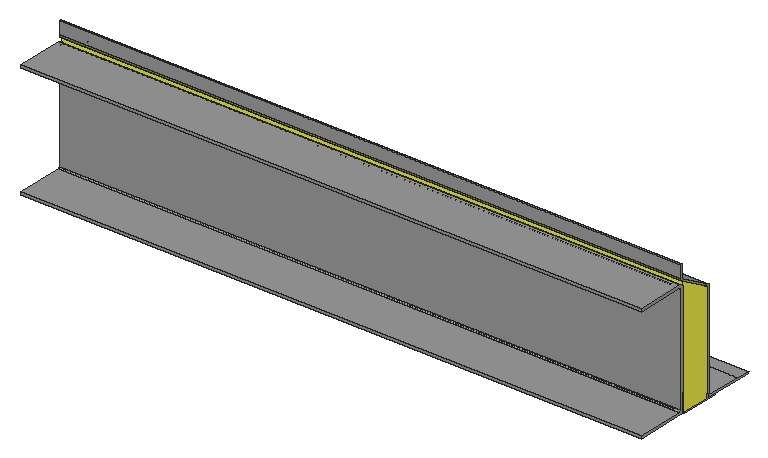
Revit family "TJ K 70", category Generic Models, Revit 2014
Parameters (values of type "Max lintel length 3000mm")
  URL = "http://www.keystonelintels.co.uk"
  Structural Opening [instance] = 900 mm
  Structural Performance = "The Keystone lintel range has safe working loads as detailed in each applicable loading table in the Keystone Lintel Guide brochure. The structural performance figures within each table have been ascertained by testing in accordance with the requirements of standards BS EN 5977-2: 1983 and BS EN 845-2: 2003."
  RIBA Productor Selector = "available for Keystone Lintels Ltd from Keystone Lintels Ltd from ribaproductselector.com"
  Model = "TJ/K 70"
  Min Length = 600 mm
  Min Clear Span = 300 mm
  Max Length = 3000 mm
  Max Clear Span = 3000 mm
  Material - Stainless Steel = "Grade 304 2b 1.4307 to BS EN 10088-2. Other grades available on request: contact manufacturer."
  Material - Galvanised Steel = "To BS EN 10346: 2009. DX51D plus Z600 or grade Z275 to BS 5977-2: 1983 (BS EN 845-2: 2003)."
  Manufacturer = "Keystone"
  Manufactured Length [instance] = (roundup(Effective Length / 150 mm) * 150 mm)  # 1200 mm
  Lintel height [instance] = 2100 mm
  Keynote = "F30/755"
  Fire Performance = "Keystone lintels have been subjected to a fire test (WARRES No. 101263) in accordance with BS 476-20: 1987, at Exova Warrington Fire and achieved a one hour fire performance."
  End Bearing = 150 mm
  Effective Length [instance] = Clear Opening with MIN MAX set + End Bearing * 2  # 1200 mm
  Corrosion = "Keystone’s standard range of lintels are manufactured from high quality grade pre-galvanized carbon steel with a zinc coating of 600"
  Contact Tel = "+44 (0)28 8676 2184"
  Contact Email = "info@keystonelintels.co.uk"
  Clear Opening with MIN MAX set [instance] = if(Structural Opening < Min Clear Span, Min Clear Span, (if(Structural Opening > Max Clear Span, Max Clear Span, Structural Opening)))  # 900 mm
  CPD Information = "Available for Keystone Lintels Ltd from ribacpd.com"
Reference planes
  plane 1 "Center (Front/Back)": y = 0
  plane 2: z = 0
  plane 3 "Center (Left/Right)": x = 0
  plane 4: x = -600
  plane 5: x = 600
  plane 6: z = 2100
  plane 7: x = -450
  plane 8: x = 450
Forms (mm)
  Extrusion 1, solid, material "Steel"
    sketch origin (0, 686.178, -480.741) x (0, 1, 0) y (0, 0, 1)
      loop
        line (-588.087, 2579.889) -> (-587.978, 2583.087) -> (-612.978, 2583.941) -> (-677.978, 2583.941)
        arc (-677.978, 2583.941) -> (-681.513, 2585.406) -> (-682.978, 2588.941) r 5
        line (-682.978, 2588.941) -> (-682.978, 2774.148)
        arc (-682.978, 2774.148) -> (-683.674, 2776.747) -> (-685.575, 2778.65) r 5.2
        line (-685.575, 2778.65) -> (-746.779, 2814.034)
        arc (-746.779, 2814.034) -> (-747.51, 2814.766) -> (-747.778, 2815.765) r 2
        line (-747.778, 2815.765) -> (-747.778, 2840.741) -> (-750.978, 2840.741) -> (-750.978, 2815.765)
        arc (-750.978, 2815.765) -> (-750.282, 2813.166) -> (-748.381, 2811.263) r 5.2
        line (-748.381, 2811.263) -> (-687.148, 2775.863)
        arc (-687.148, 2775.863) -> (-686.437, 2775.133) -> (-686.178, 2774.148) r 2
        line (-686.178, 2774.148) -> (-686.178, 2588.941)
        arc (-686.178, 2588.941) -> (-683.776, 2583.143) -> (-677.978, 2580.741) r 8.2
        line (-677.978, 2580.741) -> (-613.033, 2580.741) -> (-588.087, 2579.889)
    from -600 to 600
  Extrusion 2, solid, material "Steel"
    sketch origin (0, 686.178, -480.773) x (0, 1, 0) y (0, 0, 1)
      loop
        arc (-753.894, 2580.773) -> (-748.308, 2583.087) -> (-745.994, 2588.673) r 7.9
        line (-745.994, 2588.673) -> (-745.994, 2797.873)
        arc (-745.994, 2797.873) -> (-748.308, 2803.459) -> (-753.894, 2805.773) r 7.9
        line (-753.894, 2805.773) -> (-845.994, 2805.773) -> (-845.994, 2800.773) -> (-753.894, 2800.773)
        arc (-753.894, 2800.773) -> (-751.844, 2799.924) -> (-750.994, 2797.873) r 2.9
        line (-750.994, 2797.873) -> (-750.994, 2588.673)
        arc (-750.994, 2588.673) -> (-751.844, 2586.623) -> (-753.894, 2585.773) r 2.9
        line (-753.894, 2585.773) -> (-845.994, 2585.773) -> (-845.994, 2580.773) -> (-753.894, 2580.773)
    from -600 to 600
  Extrusion 3, solid, material "Steel"
    sketch origin (0, 686.178, -480.741) x (0, 1, 0) y (0, 0, 1)
      loop
        line (-669.204, 2579.741) -> (-669.204, 2580.741) -> (-686.204, 2580.741) -> (-686.204, 2588.741) -> (-687.204, 2588.741) -> (-687.204, 2580.741) -> (-741.994, 2580.741)
        arc (-741.994, 2580.741) -> (-744.116, 2581.62) -> (-744.994, 2583.741) r 3
        line (-744.994, 2583.741) -> (-744.994, 2619.661) -> (-745.994, 2619.661) -> (-745.994, 2583.741)
        arc (-745.994, 2583.741) -> (-744.823, 2580.913) -> (-741.994, 2579.741) r 4
        line (-741.994, 2579.741) -> (-669.204, 2579.741)
    from -600 to 600
  Extrusion 4, solid, material "Insulation"
    sketch origin (0, 686.178, -480.741) x (0, 1, 0) y (0, 0, 1)
      loop
        line (-686.204, 2580.741) -> (-677.978, 2580.741)
        arc (-677.978, 2580.741) -> (-683.776, 2583.143) -> (-686.178, 2588.941) r 8.2
        line (-686.178, 2588.941) -> (-686.178, 2774.148)
        arc (-686.178, 2774.148) -> (-686.437, 2775.133) -> (-687.148, 2775.863) r 2
        line (-687.148, 2775.863) -> (-745.994, 2809.884) -> (-745.994, 2619.661) -> (-744.994, 2619.661) -> (-744.994, 2583.741)
        arc (-744.994, 2583.741) -> (-744.116, 2581.62) -> (-741.994, 2580.741) r 3
        line (-741.994, 2580.741) -> (-687.204, 2580.741) -> (-687.204, 2588.741) -> (-686.204, 2588.741) -> (-686.204, 2580.741)
    from -600 to 600
  Extrusion 5, solid, not visible
    sketch origin (0, 920.434, 1241.367) x (0, 1, 0) y (0, 0, 1)
      loop
        line (-588.087, 979.889) -> (-587.978, 983.087) -> (-612.978, 983.941) -> (-677.978, 983.941)
        arc (-677.978, 983.941) -> (-681.513, 985.406) -> (-682.978, 988.941) r 5
        line (-682.978, 988.941) -> (-682.978, 1174.148)
        arc (-682.978, 1174.148) -> (-683.674, 1176.747) -> (-685.575, 1178.65) r 5.2
        line (-685.575, 1178.65) -> (-746.779, 1214.034)
        arc (-746.779, 1214.034) -> (-747.51, 1214.766) -> (-747.778, 1215.765) r 2
        line (-747.778, 1215.765) -> (-747.778, 1240.741) -> (-750.978, 1240.741) -> (-750.978, 1215.765)
        arc (-750.978, 1215.765) -> (-750.282, 1213.166) -> (-748.381, 1211.263) r 5.2
        line (-748.381, 1211.263) -> (-687.148, 1175.863)
        arc (-687.148, 1175.863) -> (-686.437, 1175.133) -> (-686.178, 1174.148) r 2
        line (-686.178, 1174.148) -> (-686.178, 988.941)
        arc (-686.178, 988.941) -> (-683.776, 983.143) -> (-677.978, 980.741) r 8.2
        line (-677.978, 980.741) -> (-613.033, 980.741) -> (-588.087, 979.889)
    from 0 to 250
  Extrusion 6, solid, not visible
    sketch origin (0, 659.54, 1313.338) x (0, 1, 0) y (0, 0, 1)
      loop
        arc (-753.894, 980.773) -> (-748.308, 983.087) -> (-745.994, 988.673) r 7.9
        line (-745.994, 988.673) -> (-745.994, 1197.873)
        arc (-745.994, 1197.873) -> (-748.308, 1203.459) -> (-753.894, 1205.773) r 7.9
        line (-753.894, 1205.773) -> (-845.994, 1205.773) -> (-845.994, 1200.773) -> (-753.894, 1200.773)
        arc (-753.894, 1200.773) -> (-751.844, 1199.924) -> (-750.994, 1197.873) r 2.9
        line (-750.994, 1197.873) -> (-750.994, 988.673)
        arc (-750.994, 988.673) -> (-751.844, 986.623) -> (-753.894, 985.773) r 2.9
        line (-753.894, 985.773) -> (-845.994, 985.773) -> (-845.994, 980.773) -> (-753.894, 980.773)
    from 0 to 250
  Extrusion 7, solid, not visible
    sketch origin (0, 894.802, 982.977) x (0, 1, 0) y (0, 0, 1)
      loop
        line (-669.204, 979.741) -> (-669.204, 980.741) -> (-686.204, 980.741) -> (-686.204, 988.741) -> (-687.204, 988.741) -> (-687.204, 980.741) -> (-741.994, 980.741)
        arc (-741.994, 980.741) -> (-744.116, 981.62) -> (-744.994, 983.741) r 3
        line (-744.994, 983.741) -> (-744.994, 1019.661) -> (-745.994, 1019.661) -> (-745.994, 983.741)
        arc (-745.994, 983.741) -> (-744.823, 980.913) -> (-741.994, 979.741) r 4
        line (-741.994, 979.741) -> (-669.204, 979.741)
    from 0 to 250
  Extrusion 8, solid, not visible
    sketch origin (0, 499.891, 838.196) x (0, 1, 0) y (0, 0, 1)
      loop
        line (-686.204, 980.741) -> (-677.978, 980.741)
        arc (-677.978, 980.741) -> (-683.776, 983.143) -> (-686.178, 988.941) r 8.2
        line (-686.178, 988.941) -> (-686.178, 1174.148)
        arc (-686.178, 1174.148) -> (-686.437, 1175.133) -> (-687.148, 1175.863) r 2
        line (-687.148, 1175.863) -> (-745.994, 1209.884) -> (-745.994, 1019.661) -> (-744.994, 1019.661) -> (-744.994, 983.741)
        arc (-744.994, 983.741) -> (-744.116, 981.62) -> (-741.994, 980.741) r 3
        line (-741.994, 980.741) -> (-687.204, 980.741) -> (-687.204, 988.741) -> (-686.204, 988.741) -> (-686.204, 980.741)
    from 0 to 250
Dimensions and locks
  equal spacing: plane 4, plane 3 "Center (Left/Right)", plane 5
  "Manufactured Length": plane 4 to plane 5
  "Lintel height": plane 6 to level
  "Structural Opening": plane 7 to plane 8
  equal spacing: plane 7, plane 3 "Center (Left/Right)", plane 8
  aligned and locked: level to plane 2
  aligned and locked: Extrusion 1 to plane 6
  aligned and locked: Extrusion 4 to plane 6
  aligned and locked: plane 6 to Extrusion 3
  aligned and locked: Extrusion 2 to plane 6
  aligned and locked: plane 5 to Extrusion 2
  aligned and locked: Extrusion 2 to plane 4
  aligned and locked: plane 5 to Extrusion 1
  aligned and locked: Extrusion 1 to plane 4
  aligned and locked: plane 5 to Extrusion 4
  aligned and locked: Extrusion 4 to plane 4
  aligned and locked: plane 5 to Extrusion 3
  aligned and locked: Extrusion 3 to plane 4
Automatic sketch dimensions
  Extrusion 1 sketch curve to Extrusion 1 sketch curve = 64.945 mm
  Extrusion 1 sketch curve to Extrusion 1 sketch curve = 24.945 mm
  Extrusion 1 sketch curve to Extrusion 1 sketch curve = 0.852 mm
  Extrusion 1 sketch curve to Extrusion 1 sketch curve = 0.109 mm
  Extrusion 1 sketch curve to Extrusion 1 sketch curve = 0.055 mm
  Extrusion 1 sketch curve to Extrusion 1 sketch curve = 0 mm  (x10)
  Extrusion 1 sketch curve to Extrusion 1 sketch curve = 5 mm
  Extrusion 1 sketch curve to Extrusion 1 sketch curve = 185.207 mm
  Extrusion 1 sketch curve to Extrusion 1 sketch curve = 2 mm
  Extrusion 1 sketch curve to Extrusion 1 sketch curve = 0.97 mm
  Extrusion 1 sketch curve to Extrusion 1 sketch curve = 60.203 mm
  Extrusion 1 sketch curve to Extrusion 1 sketch curve = 37.115 mm
  Extrusion 1 sketch curve to Extrusion 1 sketch curve = 1.573 mm
  Extrusion 1 sketch curve to Extrusion 1 sketch curve = 1.602 mm
  Extrusion 1 sketch curve to Extrusion 1 sketch curve = 2.77 mm
  Extrusion 1 sketch curve to Extrusion 1 sketch curve = 1.001 mm
  Extrusion 1 sketch curve to Extrusion 1 sketch curve = 1.731 mm
  Extrusion 1 sketch curve to Extrusion 1 sketch curve = 24.976 mm
  Extrusion 2 sketch curve to Extrusion 2 sketch curve = 92.1 mm  (x2)
  Extrusion 2 sketch curve to Extrusion 2 sketch curve = 5 mm
  Extrusion 2 sketch curve to Extrusion 2 sketch curve = 2.9 mm  (x2)
  Extrusion 2 sketch curve to Extrusion 2 sketch curve = 0 mm  (x8)
  Extrusion 2 sketch curve to Extrusion 2 sketch curve = 209.2 mm
  Extrusion 3 sketch curve to Extrusion 3 sketch curve = 72.791 mm
  Extrusion 3 sketch curve to Extrusion 3 sketch curve = 1 mm  (x2)
  Extrusion 3 sketch curve to Extrusion 3 sketch curve = 17 mm
  Extrusion 3 sketch curve to Extrusion 3 sketch curve = 8 mm
  Extrusion 3 sketch curve to Extrusion 3 sketch curve = 0 mm  (x5)
  Extrusion 3 sketch curve to Extrusion 3 sketch curve = 3 mm
  Extrusion 3 sketch curve to Extrusion 3 sketch curve = 35.92 mm
  Extrusion 4 sketch curve to Extrusion 4 sketch curve = 8.2 mm
  Extrusion 4 sketch curve to Extrusion 4 sketch curve = 0.026 mm
  Extrusion 4 sketch curve to Extrusion 4 sketch curve = 0 mm  (x2)
  Extrusion 4 sketch curve to Extrusion 4 sketch curve = 0.2 mm
  Extrusion 4 sketch curve to Extrusion 4 sketch curve = 185.207 mm
  Extrusion 4 sketch curve to Extrusion 4 sketch curve = 1 mm  (x2)
  Extrusion 4 sketch curve to Extrusion 4 sketch curve = 54.791 mm
  Extrusion 4 sketch curve to Extrusion 4 sketch curve = 3 mm
  Extrusion 4 sketch curve to Extrusion 4 sketch curve = 35.92 mm
  Extrusion 4 sketch curve to Extrusion 4 sketch curve = 35.735 mm
  Extrusion 4 sketch curve to Extrusion 4 sketch curve = 2 mm
  Extrusion 4 sketch curve to Extrusion 4 sketch curve = 0.97 mm
  Extrusion 4 sketch curve to Extrusion 4 sketch curve = 8 mm
  Extrusion 5 sketch curve to Extrusion 5 sketch curve = 64.945 mm
  Extrusion 5 sketch curve to Extrusion 5 sketch curve = 24.945 mm
  Extrusion 5 sketch curve to Extrusion 5 sketch curve = 0.852 mm
  Extrusion 5 sketch curve to Extrusion 5 sketch curve = 0.109 mm
  Extrusion 5 sketch curve to Extrusion 5 sketch curve = 0.055 mm
  Extrusion 5 sketch curve to Extrusion 5 sketch curve = 0 mm  (x10)
  Extrusion 5 sketch curve to Extrusion 5 sketch curve = 5 mm
  Extrusion 5 sketch curve to Extrusion 5 sketch curve = 185.207 mm
  Extrusion 5 sketch curve to Extrusion 5 sketch curve = 2 mm
  Extrusion 5 sketch curve to Extrusion 5 sketch curve = 0.97 mm
  Extrusion 5 sketch curve to Extrusion 5 sketch curve = 60.203 mm
  Extrusion 5 sketch curve to Extrusion 5 sketch curve = 37.115 mm
  Extrusion 5 sketch curve to Extrusion 5 sketch curve = 1.573 mm
  Extrusion 5 sketch curve to Extrusion 5 sketch curve = 1.602 mm
  Extrusion 5 sketch curve to Extrusion 5 sketch curve = 2.77 mm
  Extrusion 5 sketch curve to Extrusion 5 sketch curve = 1.001 mm
  Extrusion 5 sketch curve to Extrusion 5 sketch curve = 1.731 mm
  Extrusion 5 sketch curve to Extrusion 5 sketch curve = 24.976 mm
  Extrusion 6 sketch curve to Extrusion 6 sketch curve = 92.1 mm  (x2)
  Extrusion 6 sketch curve to Extrusion 6 sketch curve = 5 mm
  Extrusion 6 sketch curve to Extrusion 6 sketch curve = 2.9 mm  (x2)
  Extrusion 6 sketch curve to Extrusion 6 sketch curve = 0 mm  (x8)
  Extrusion 6 sketch curve to Extrusion 6 sketch curve = 209.2 mm
  Extrusion 7 sketch curve to Extrusion 7 sketch curve = 72.791 mm
  Extrusion 7 sketch curve to Extrusion 7 sketch curve = 1 mm  (x2)
  Extrusion 7 sketch curve to Extrusion 7 sketch curve = 17 mm
  Extrusion 7 sketch curve to Extrusion 7 sketch curve = 8 mm
  Extrusion 7 sketch curve to Extrusion 7 sketch curve = 0 mm  (x5)
  Extrusion 7 sketch curve to Extrusion 7 sketch curve = 3 mm
  Extrusion 7 sketch curve to Extrusion 7 sketch curve = 35.92 mm
  Extrusion 8 sketch curve to Extrusion 8 sketch curve = 8.2 mm
  Extrusion 8 sketch curve to Extrusion 8 sketch curve = 0.026 mm
  Extrusion 8 sketch curve to Extrusion 8 sketch curve = 0 mm  (x2)
  Extrusion 8 sketch curve to Extrusion 8 sketch curve = 0.2 mm
  Extrusion 8 sketch curve to Extrusion 8 sketch curve = 185.207 mm
  Extrusion 8 sketch curve to Extrusion 8 sketch curve = 1 mm  (x2)
  Extrusion 8 sketch curve to Extrusion 8 sketch curve = 54.791 mm
  Extrusion 8 sketch curve to Extrusion 8 sketch curve = 3 mm
  Extrusion 8 sketch curve to Extrusion 8 sketch curve = 35.92 mm
  Extrusion 8 sketch curve to Extrusion 8 sketch curve = 35.735 mm
  Extrusion 8 sketch curve to Extrusion 8 sketch curve = 2 mm
  Extrusion 8 sketch curve to Extrusion 8 sketch curve = 0.97 mm
  Extrusion 8 sketch curve to Extrusion 8 sketch curve = 8 mm
  Extrusion 4 sketch curve to plane 6 = 0 mm
  Extrusion 4 sketch curve to plane 1 "Center (Front/Back)" = 0 mm
  Extrusion 2 sketch curve to plane 6 = 0 mm
  plane 1 "Center (Front/Back)" to Extrusion 2 sketch curve = 159.817 mm
  Extrusion 3 sketch curve to plane 6 = 0 mm
  plane 1 "Center (Front/Back)" to Extrusion 3 sketch curve = 59.817 mm
  Extrusion 1 sketch curve to plane 1 "Center (Front/Back)" = 0 mm
  Extrusion 1 sketch curve to plane 6 = 0 mm
